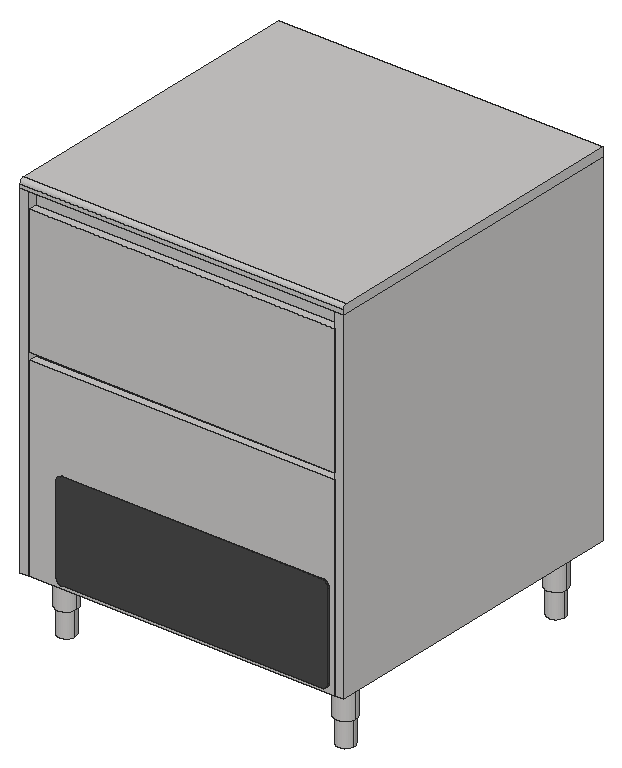
Revit family "QF_ELECTROLUXPROFESSIONAL_730298_IHD140I45SNP", category Attrezzature speciali, Revit 2018
Family settings
  Quota connettore circolare = Usa diametro
  Tipo di parte = Normale
  Basato su piano di lavoro = No
  Sempre verticale = Sì
  Taglio con vuoti quando caricato = No
  Condiviso = No
  Punto di calcolo locali = No
Parameters (values of type "Standard")
  Weight = 74.00 kg
  Watts = 1400 W
  Volts = 220 V
  URL Manufacturer = "https://www.electroluxprofessional.com/"
  URL = "https://www.electroluxprofessional.com/"
  Steam Supply Size = 0 mm
  Steam Supply Minimum Pressure = 0.0 Pa
  Steam Supply Maximum Pressure = 0.0 Pa
  Steam Pounds per Hour = 0
  Show Logo [instance] = yes
  Show Clearance [instance] = yes
  Refrigeration Suction Line Size = 0 mm
  Refrigeration Liquid Line Size = 0 mm
  Refrigerant Compressor Remote = yes
  Produttore = "Electrolux Professional"
  Phase = 1
  Modello = "IHD140I45SNP"
  Length Actual = 762 mm  # constant formula
  Item Number = "730298"
  Hot Water Size = 0 mm
  Height Actual = 937 mm  # constant formula
  HP = "1.9 HP"
  Gas Size = 0 mm
  Gas KW = 0
  Gas Input Pressure = 0 W
  Descrizione = "WATER COOLED HALF DICE ICE 140KG/24H-BIN 45KG"
  Depth Actual = 762 mm  # constant formula
  Cycle = 50 Hz
  Condensate Return Size = 0 mm
  Compressed Air Volume = 0.0 L/s
  Compressed Air Size = 0 mm
  Compressed Air Pressure = 0.0 Pa
  Cold Water Size = 19.05 mm
  Accessory = yes
Reference planes
  plane 1 "Center X": y = 272.851
  plane 2: z = 0
  plane 3 "Center Y": x = -501.5
  plane 4 "LEFT": x = -882.5
  plane 5 "RIGHT": x = -120.5
  plane 6 "FRONT": y = -108.149
  plane 7 "BACK": y = 653.851
  plane 8: z = 142
  plane 9: z = 973
  plane 10: z = 953
  plane 11: x = -862.5
  plane 12: x = -140.5
  plane 13: y = -68.149
Forms (mm)
  Extrusion 1, solid, material "QF_Finishes_Black"
    sketch origin (-206.5, -108.149, 371.513) x (-1, 0, 0) y (0, 0, -1)
      loop
        arc (575, -8.487) -> (585.607, -4.093) -> (590, 6.513) r 15
        line (590, 6.513) -> (590, 207.469)
        arc (590, 207.469) -> (585.607, 218.075) -> (575, 222.469) r 15
        line (575, 222.469) -> (-36.116, 222.469)
        arc (-36.116, 222.469) -> (-46.723, 218.075) -> (-51.116, 207.469) r 15
        line (-51.116, 207.469) -> (-51.116, 6.513)
        arc (-51.116, 6.513) -> (-46.723, -4.093) -> (-36.116, -8.487) r 15
        line (-36.116, -8.487) -> (575, -8.487)
    from 0 to 2
  Extrusion 2, solid, material "QF_Finishes_Stainless Steel"
    sketch origin (-501.5, 0, 0) x (0, 1, 0) y (0, 0, 1)
      loop
        line (653.851, 953) -> (653.851, 973) -> (-98.149, 973)
        arc (-98.149, 973) -> (-105.22, 970.071) -> (-108.149, 963) r 10
        line (-108.149, 963) -> (-108.149, 953) -> (653.851, 953)
    from -381 to 381
  Extrusion 3, solid, material "QF_Finishes_Stainless Steel"
    sketch origin (-464.7, 653.851, -324.545) x (1, 0, 0) y (0, 0, -1)
      loop
        circle (280.2, -642.545) r 10
    from 0 to 10
  Extrusion 4, solid, material "QF_Finishes_Stainless Steel"
    sketch origin (0, 0, 0) x (1, 0, 0) y (0, 1, 0)
      loop
        line (-882.5, 653.851) -> (-882.5, -108.149) -> (-862.5, -108.149) -> (-862.5, 653.851) -> (-882.5, 653.851)
    from 142 to 953
  Extrusion 5, solid, material "QF_Finishes_Stainless Steel"
    sketch origin (0, 0, 0) x (1, 0, 0) y (0, 1, 0)
      loop
        line (-140.5, 653.851) -> (-140.5, -108.149) -> (-120.5, -108.149) -> (-120.5, 653.851) -> (-140.5, 653.851)
    from 142 to 953
  Extrusion 6, solid, material "QF_Finishes_Stainless Steel"
    sketch origin (0, 0, 0) x (1, 0, 0) y (0, 1, 0)
      loop
        line (-862.5, 653.851) -> (-862.5, -68.149) -> (-140.5, -68.149) -> (-140.5, 653.851) -> (-862.5, 653.851)
    from 142 to 953
  Extrusion 7, solid, material "QF_Finishes_Stainless Steel"
    sketch origin (0, 0, 0) x (1, 0, 0) y (0, 1, 0)
      loop
        line (-862.5, -108.149) -> (-140.5, -108.149) -> (-140.5, -68.149) -> (-862.5, -68.149) -> (-862.5, -108.149)
    from 142 to 598
  Extrusion 8, solid, material "QF_Finishes_Stainless Steel"
    sketch origin (-501.5, 0, 0) x (0, 1, 0) y (0, 0, 1)
      loop
        line (-68.149, 953) -> (-88.149, 953) -> (-88.149, 917) -> (-108.149, 917) -> (-108.149, 613.768) -> (-88.149, 613.768) -> (-88.149, 598) -> (-68.149, 598) -> (-68.149, 953)
    from -361 to 361
  Extrusion 9, solid, material "QF_Finishes_Stainless Steel"
    sketch origin (-451.7, 653.851, -395.545) x (1, 0, 0) y (0, 0, -1)
      loop
        circle (280.2, -642.545) r 10
    from 0 to 10
  Extrusion 10, solid, material "QF_Finishes_Stainless Steel"
    sketch origin (-510.7, 653.851, -356.545) x (1, 0, 0) y (0, 0, -1)
      loop
        circle (280.2, -642.545) r 10
    from 0 to 10
Lines and regions (mm)
  Split face 1
    outline origin (-501.5, -88.149, 953) x (0, 0, -1) y (1, 0, 0)
      loop
        line (5.715, 238.428) -> (30.715, 238.428) -> (30.715, 278.428) -> (5.715, 278.428) -> (5.715, 238.428)
  symbolic lines
    curve 1: line (-882.5, 653.851, 0) -> (-120.5, 653.851, 0)
    curve 2: line (-882.5, -108.149, 0) -> (-882.5, 653.851, 0)
    curve 3: line (-120.5, -108.149, 0) -> (-882.5, -108.149, 0)
    curve 4: line (-120.5, 653.851, 0) -> (-120.5, -108.149, 0)
Dimensions and locks
  equal spacing: plane 4 "LEFT", plane 3 "Center Y", plane 5 "RIGHT"
  plane 4 "LEFT" to plane 5 "RIGHT" = 762 mm
  equal spacing: plane 7 "BACK", plane 1 "Center X", plane 6 "FRONT"
  plane 7 "BACK" to plane 6 "FRONT" = 762 mm
  plane 8 to plane 2 = 142 mm
  plane 9 to plane 2 = 973 mm
  locked: plane 4 "LEFT" to plane 11 at 20
  locked: plane 12 to plane 5 "RIGHT" at 20
  locked: plane 9 to plane 10 at 20
  locked: plane 13 to plane 6 "FRONT" at 40
  aligned and locked: level to plane 2
  aligned and locked: plane 5 "RIGHT" to Extrusion 2
  aligned and locked: Extrusion 2 to plane 4 "LEFT"
  aligned and locked: Extrusion 4 sketch curve to Extrusion 2  (x2)
  aligned and locked: plane 6 "FRONT" to Extrusion 4 sketch curve
  aligned and locked: Extrusion 4 sketch curve to plane 11
  aligned and locked: Extrusion 5 sketch curve to plane 7 "BACK"
  aligned and locked: plane 12 to Extrusion 5 sketch curve
  aligned and locked: Extrusion 5 sketch curve to Extrusion 2  (x2)
  aligned and locked: plane 10 to Extrusion 4
  aligned and locked: plane 10 to Extrusion 5
  aligned and locked: Extrusion 4 to plane 8
  aligned and locked: Extrusion 5 to plane 8
  aligned and locked: Extrusion 6 sketch curve to Extrusion 4
  aligned and locked: Extrusion 4 to Extrusion 6 sketch curve
  aligned and locked: plane 13 to Extrusion 6 sketch curve
  aligned and locked: Extrusion 6 sketch curve to plane 12
  aligned and locked: plane 10 to Extrusion 6
  aligned and locked: Extrusion 6 to plane 8
  aligned and locked: Extrusion 4 to Extrusion 7 sketch curve
  aligned and locked: Extrusion 7 sketch curve to Extrusion 4
  aligned and locked: plane 13 to Extrusion 7 sketch curve
  aligned and locked: plane 12 to Extrusion 7 sketch curve
  aligned and locked: Extrusion 7 to plane 8
  aligned and locked: plane 12 to Extrusion 8
  aligned and locked: Extrusion 8 to plane 11
Automatic sketch dimensions
  curve 3 to plane 4 "LEFT" = 0 mm
  curve 3 to plane 5 "RIGHT" = 0 mm
  curve 3 to plane 6 "FRONT" = 0 mm
  curve 2 to plane 7 "BACK" = 0 mm
  Extrusion 1 sketch curve to plane 12 = 14.884 mm
  plane 8 to Extrusion 1 sketch curve = 7.044 mm
  Extrusion 1 sketch curve to Extrusion 1 sketch curve = 15 mm  (x3)
  plane 11 to Extrusion 1 sketch curve = 81 mm  (x2)
  Extrusion 1 sketch curve to Extrusion 1 sketch curve = 200.956 mm
  Extrusion 2 sketch curve to plane 6 "FRONT" = 0 mm
  Extrusion 2 sketch curve to plane 9 = 0 mm
  Extrusion 2 sketch curve to plane 7 "BACK" = 0 mm
  Extrusion 2 sketch curve to plane 10 = 0 mm
  plane 6 "FRONT" to Extrusion 2 sketch curve = 10 mm
  Extrusion 6 to Extrusion 3 sketch curve = 176 mm
  Extrusion 3 sketch curve to Extrusion 6 = 44 mm
  Extrusion 8 sketch curve to plane 6 "FRONT" = 0 mm
  Extrusion 8 sketch curve to plane 10 = 0 mm
  Extrusion 8 sketch curve to plane 13 = 0 mm
  plane 6 "FRONT" to Extrusion 8 sketch curve = 20 mm  (x2)
  Extrusion 8 sketch curve to plane 10 = 36 mm
  Extrusion 8 sketch curve to Extrusion 8 sketch curve = 303.232 mm
  Extrusion 8 sketch curve to Extrusion 8 sketch curve = 15.768 mm
  Split face 1 sketch curve to Extrusion 8 = 5.715 mm
  Extrusion 8 to Split face 1 sketch curve = 5.285 mm
  Split face 1 sketch curve to Extrusion 8 = 122.572 mm
  Split face 1 sketch curve to Split face 1 sketch curve = 40 mm
  Extrusion 9 sketch curve to Extrusion 6 = 31 mm
  Extrusion 6 to Extrusion 9 sketch curve = 105 mm
  Extrusion 10 sketch curve to Extrusion 6 = 90 mm
  Extrusion 6 to Extrusion 10 sketch curve = 144 mm
  radius of Extrusion 3 sketch curve = 10 mm
  radius of Extrusion 9 sketch curve = 10 mm
  radius of Extrusion 10 sketch curve = 10 mm
Nested families
  nested 1: "Foot_Complete" at (-830.5, -37.149, 0), type "Foot_Complete"
    with H 142 mm
  nested 2: "Foot_Complete" at (-172.5, -37.149, 0) x (-1, 0, 0) z (0, 0, 1), type "Foot_Complete"
    with H 142 mm
  nested 3: "Foot_Complete" at (-830.5, 582.851, 0), type "Foot_Complete"
    with H 142 mm
  nested 4: "Foot_Complete" at (-172.5, 582.851, 0) x (-1, 0, 0) z (0, 0, 1), type "Foot_Complete"
    with H 142 mm
Connectors
  electrical at (-171.5, 663.851, 247), driven by "Volts"
    settings: on Extrusion 9, index 1, voltage 220 V, apparent load 0 VA, apparent load phase1 0 VA, apparent load phase2 0 VA, apparent load phase3 0 VA, power factor 1, load classification "Altro", number of poles 1, system type 30, power factor state 1, is connector primary yes, connector utility no, sub classification motor no, connector description "Electrical Connection"
  piping at (-184.5, 663.851, 318), diameter 20
    settings: on Extrusion 3, index 2, connector inside diameter 609.6 mm, connector length 0 mm, flow factor 0, pipe flow 0.0 L/s, pressure drop 0.0 Pa, fitting loss kfactor 0, connector angle 0.00°, fixture units 0, engagement length 0 mm, angle of deflection 0.00°, flow configuration 0, flow direction 0, fitting loss method 0, system type 20, joint type 0, gender type 0, connector reference index -1, connector utility 0, adjustable connector no, is connector primary yes, connector description "Cold water"
  piping at (-230.5, 663.851, 286), diameter 20
    settings: on Extrusion 10, index 3, connector inside diameter 609.6 mm, connector length 0 mm, flow factor 0, pipe flow 0.0 L/s, pressure drop 0.0 Pa, fitting loss kfactor 0, connector angle 0.00°, fixture units 0, engagement length 0 mm, angle of deflection 0.00°, flow configuration 0, flow direction 0, fitting loss method 0, system type 16, joint type 0, gender type 0, connector reference index -1, connector utility 0, adjustable connector no, is connector primary no, connector description "Drain"
Definition of nested family "Foot_Complete"
  Parameters (values of type "Foot_Complete")
    R = 25 mm
    H = 153 mm
  Reference planes
    plane 1 "Centro (Fronte/Retro)": y = 0
    plane 2: z = 0
    plane 3 "Centro (Sinistra/Destra)": x = 0
    plane 4: z = 153
  Forms (mm)
    Revolve 1, solid
      sketch origin (255.05, 0, 608.09) x (0, 0, 1) y (-1, 0, 0)
        loop
          line (-608.09, 255.05) -> (-608.09, 235.05) -> (-548.09, 235.05) -> (-548.09, 230.05) -> (-455.09, 230.05) -> (-455.09, 255.05) -> (-608.09, 255.05)
        axis (-608.09, 255.05) -> (-455.09, 255.05)
      angle from 0 to 360
  Dimensions and locks
    level to Revolve 1 sketch curve = 60 mm
    "R": Revolve 1 sketch curve to plane 3 "Centro (Sinistra/Destra)"
    "H": plane 4 to level
    aligned and locked: level to plane 2
    aligned and locked: plane 4 to Revolve 1 sketch curve
    aligned and locked: Revolve 1 sketch curve to level
    aligned and locked: plane 3 "Centro (Sinistra/Destra)" to Revolve 1 sketch curve
  Automatic sketch dimensions
    Revolve 1 sketch curve to plane 3 "Centro (Sinistra/Destra)" = 0 mm
    plane 3 "Centro (Sinistra/Destra)" to Revolve 1 sketch curve = 20 mm
    Revolve 1 sketch curve to Revolve 1 sketch curve = 50 mm
    Revolve 1 sketch curve to Revolve 1 sketch curve = 20 mm
